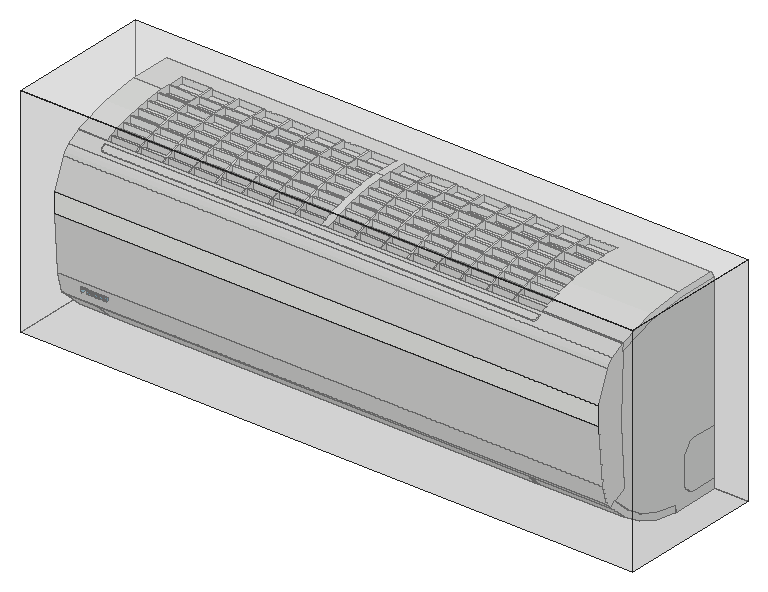
Revit family "outputfile", category 機械設備, Revit 2024
Family settings
  丸型コネクタ寸法 = 半径を使用
  パーツ タイプ = 標準
  OmniClass 番号 = 23.75.10.24.21.27.27
  OmniClass タイトル = Split System Air Conditioning Units
  作業面ベース = いいえ
  常に垂直 = はい
  ロード時にボイドで切り取り = いいえ
  注釈の向きを維持 = いいえ
  共有 = いいえ
  部屋計算ポイント = いいえ
Parameters (values of type "FTNE20AXVL9")
  Description = ""
  製造元 = "Daikin"
  書き出し IFC クラス(タイプ) = "IfcUnitaryEquipmentType"
  定義済み IFC タイプ(タイプ) = "AIRCONDITIONINGUNIT"
  Cost = 0
  モデル = "FTNE20AXVL9"
  Type Comments = ""
  Keynote = ""
  Type Image = (empty or 0)
  Assembly Code = ""
  switch_frequency = yes
  r_Liquid Pipe Size = Liquid Pipe Size / 2  # 3.2 mm
  r_Gas Pipe Size = Gas Pipe Size / 2  # 4.75 mm
  r_Drain Pipe Size = Drain Pipe Size / 2  # 9.5 mm
  lw_powersupply [instance] = if(or(Rear Right Connection_refrigerant, Bottom Right Connection_refrigerant), 65.0 mm + 13.0 mm, if(or(Rear Left Connection_refrigerant, Bottom Left Connection_refrigerant), 742.0 mm + 28.0 mm, 400.0 mm))  # 400.0 mm
  lw_liquidpipe [instance] = if(or(Rear Right Connection_refrigerant, Bottom Right Connection_refrigerant), 8.5 mm, if(or(Rear Left Connection_refrigerant, Bottom Left Connection_refrigerant), 668.0 mm + 23.0 mm, 800.0 mm - 55.0 mm - 207.0 mm - 56.0 mm))  # 482.0 mm
  lw_gaspipe [instance] = if(or(Rear Right Connection_refrigerant, Bottom Right Connection_refrigerant), 0.0 mm, if(or(Rear Left Connection_refrigerant, Bottom Left Connection_refrigerant), 695.0 mm - 15.0 mm, 800.0 mm - 55.0 mm - 207.0 mm - 52.0 mm - 56.0 mm))  # 430.0 mm
  lw_drainpipe [instance] = if(or(Rear Right Connection_refrigerant, Bottom Right Connection_refrigerant), 0.0 mm, if(or(Rear Left Connection_refrigerant, Bottom Left Connection_refrigerant), 675.0 mm + 20.0 mm, 0.0 mm))  # 0.0 mm
  l_powersupply_length [instance] = if(Right Connection_refrigerant, 400.0 mm, if(Left Connection_refrigerant, 800.0 mm - 400.0 mm, if(or(Rear Left Connection_refrigerant, Rear Right Connection_refrigerant), 15.0 mm, 50.0 mm)))  # 400.0 mm
  l_liquidpipe_length [instance] = if(Right Connection_refrigerant, 800.0 mm - 55.0 mm - 207.0 mm, if(Left Connection_refrigerant, 800.0 mm - (800.0 mm - 55.0 mm - 207.0 mm), if(or(Rear Left Connection_refrigerant, Rear Right Connection_refrigerant), 30.0 mm, 50.0 mm)))  # 538.0 mm
  l_gaspipe_length [instance] = if(Right Connection_refrigerant, 800.0 mm - 55.0 mm - 207.0 mm - 52.0 mm, if(Left Connection_refrigerant, 800.0 mm - (800.0 mm - 55.0 mm - 207.0 mm - 52.0 mm), if(or(Rear Left Connection_refrigerant, Rear Right Connection_refrigerant), 40.0 mm, 50.0 mm)))  # 486.0 mm
  l_drainpipe_length [instance] = if(Right Connection_refrigerant, 56.0 mm, if(Left Connection_refrigerant, 800.0 mm - 56.0 mm, if(or(Rear Left Connection_refrigerant, Rear Right Connection_refrigerant), 15.0 mm, 25.0 mm)))  # 56.0 mm
  h*** = 0.0 mm  # constant formula
  connector_voltage = 220 V
  connector_powerinput = [Power Input (Cooling)]  # 0.610 kW
  connector_phase = 1
  angle_vertical [instance] = if(or(Bottom Left Connection_refrigerant, Bottom Right Connection_refrigerant), 0.00°, 90.00°)  # 90.00°
  angle_horizontal [instance] = if(Right Connection_refrigerant, 90.00°, if(Left Connection_refrigerant, -90.00°, if(or(Rear Left Connection_refrigerant, Rear Right Connection_refrigerant), 180.00°, 0.00°)))  # 90.00°
  Width = 800.0 mm
  Voltage_comment_60Hz = "220"
  Voltage_60Hz = 220 V
  Version = "ver.1.0"
  Unit Type = "Wall Mounted"
  Unit Mass Weight = 9.00 kg
  Unit Designation [instance] = ""
  Uniclass2015Version = "Products v1.30"
  Uniclass2015Title = "Split coil room air conditioning units"
  Uniclass2015Code = "Pr_70_65_03_86"
  URL = ""
  Total Cooling Capacity [instance] = 0.000 kW
  Sound Pressure Level_M speed (dBA) = 32
  Sound Pressure Level_L speed (dBA) = 27
  Sound Pressure Level_H speed (dBA) = 38
  Sound Power Level_H speed (dB) = 0
  Series = "Single Split_Fan Coil Unit"
  Sensible Cooling Capacity [instance] = 0.000 kW
  Refrigerant Type = "R410A"
  Power Input (Cooling) = 0.610 kW
  Phase_60Hz = 1
  Option Accessory 3 [instance] = ""
  Option Accessory 2 [instance] = ""
  Option Accessory 1 [instance] = ""
  Nominal Cooling Capacity = 2.050 kW
  Minimum Circuit Amps_60Hz = 0.0 A
  Minimum Airflow = 382.00 m³/h
  Median Airflow = 479.00 m³/h
  Maximum Fuse Amps_60Hz = 0.0 A
  Maximum Airflow = 581.00 m³/h
  Material_Casing = DAIKIN_White_Casing_indoorunit
  Load Classification = HVAC
  Liquid Pipe Size = 6.4 mm
  Link_Nested Family [instance] = ""
  IfcVersion = ""
  IfcExportType = "AIRCONDITIONINGUNIT"
  IfcExportAs = "IfcUnitaryEquipmentType"
  Height = 288.0 mm
  Heat Exchanger Type = "Cross Fin Coil"
  Gas Pipe Size = 9.5 mm
  Frequency_60Hz = 60 Hz
  Fan Type = "Cross Flow Fan"
  Fan Drive = "-"
  FCU Tag No. [instance] = ""
  Drain Pipe Size = 19.0 mm
  Design Supply Airflow [instance] = 0.00 m³/h
  Depth = 212.0 mm
  既定の高さ = 0.0 mm
  Cooling Entering Wet Bulb Temperature [instance] = 0.00 °C
  Cooling Entering Dry Bulb Temperature [instance] = 0.00 °C
  Cooling Ambient Wet Bulb Temperature [instance] = 0.00 °C
  Cooling Ambient Dry Bulb Temperature [instance] = 0.00 °C
  Clearance visibility [instance] = yes
  Clearance Top = 30.0 mm
  Clearance Right = 50.0 mm
  Clearance Rear = 0.0 mm
  Clearance Left = 50.0 mm
  Clearance Front = 0.0 mm
  Clearance Bottom = 0.0 mm
  Bottom Right Connection_refrigerant [instance] = no
  Bottom Left Connection_refrigerant [instance] = no
  Rear Right Connection_refrigerant [instance] = no
  Rear Left Connection_refrigerant [instance] = no
  Right Connection_refrigerant [instance] = yes
  Left Connection_refrigerant [instance] = no
Reference planes
  plane 1 "Back": y = 0
  plane 2: z = 0
  plane 3 "Center (Left/Right)": x = 0
  plane 4 "Center (Front/Back)": y = -106
  plane 5 "Front": y = -212
  plane 6 "Left": x = -400
  plane 7 "Right": x = 400
  plane 8 "Top": z = 0
  plane 9 "Bottom": z = -288
  plane 10: x = -450
  plane 11: x = 450
  plane 12: y = 0
  plane 13: y = -212
  plane 14: z = 30
  plane 15: z = -288
  plane 16 "lw_Piping and Wiring intake": x = 344
  plane 17 "lw_gaspipe": x = -86
  plane 18 "lw_liquidpipe": x = -138
  plane 19 "lw_drainpipe": x = 344
  plane 20 "lh_drainpipe": z = -263
  plane 21 "lh_liquidpipe": z = -238
  plane 22 "lh_gaspipe": z = -238
  plane 23 "ld_drainpipe": y = -15
  plane 24 "ld_liquidpipe": y = -30
  plane 25 "ld_gaspipe": y = -40
  plane 26 "lw_powersupply": x = 0
Dimensions and locks
  equal spacing: plane 6 "Left", plane 3 "Center (Left/Right)", plane 7 "Right"
  "Width": plane 6 "Left" to plane 7 "Right"
  equal spacing: plane 5 "Front", plane 4 "Center (Front/Back)", plane 1 "Back"
  "Depth": plane 5 "Front" to plane 1 "Back"
  "Height": plane 8 "Top" to plane 9 "Bottom"
  "Clearance Rear": plane 12 to plane 1 "Back"
  "Clearance Front": plane 13 to plane 5 "Front"
  "Clearance Top": plane 14 to plane 8 "Top"
  "Clearance Bottom": plane 9 "Bottom" to plane 15
  locked: plane 16 "lw_Piping and Wiring intake" to plane 7 "Right" at 56
  "lw_gaspipe": plane 17 "lw_gaspipe" to plane 16 "lw_Piping and Wiring intake"
  "lw_liquidpipe": plane 18 "lw_liquidpipe" to plane 16 "lw_Piping and Wiring intake"
  "lw_drainpipe": plane 19 "lw_drainpipe" to plane 16 "lw_Piping and Wiring intake"
  locked: plane 20 "lh_drainpipe" to plane 9 "Bottom" at 25
  locked: plane 21 "lh_liquidpipe" to plane 9 "Bottom" at 50
  locked: plane 22 "lh_gaspipe" to plane 9 "Bottom" at 50
  locked: plane 23 "ld_drainpipe" to plane 1 "Back" at 15
  locked: plane 1 "Back" to plane 24 "ld_liquidpipe" at 30
  locked: plane 1 "Back" to plane 25 "ld_gaspipe" at 40
  "lw_powersupply": plane 26 "lw_powersupply" to plane 7 "Right"
  "Clearance Left": plane 10 to plane 6 "Left"
  "Clearance Right": plane 7 "Right" to plane 11
  aligned and locked: level to plane 2
  aligned and locked: plane 12 to nested 1
  aligned and locked: nested 1 to plane 13
  aligned and locked: plane 10 to nested 1
  aligned and locked: plane 11 to nested 1
  aligned and locked: plane 17 "lw_gaspipe" to nested 2
  aligned and locked: nested 2 to plane 25 "ld_gaspipe"
  aligned and locked: plane 18 "lw_liquidpipe" to nested 3
  aligned and locked: nested 3 to plane 24 "ld_liquidpipe"
  aligned and locked: plane 19 "lw_drainpipe" to nested 4
  aligned and locked: nested 4 to plane 23 "ld_drainpipe"
  aligned and locked: nested 5 to plane 23 "ld_drainpipe"
  aligned and locked: plane 26 "lw_powersupply" to nested 5
  aligned and locked: level to plane 8 "Top"
  aligned and locked: plane 14 to nested 1
  aligned and locked: plane 15 to nested 1
  aligned and locked: plane 1 "Back" to nested 6
  aligned and locked: plane 3 "Center (Left/Right)" to nested 6
  aligned and locked: plane 8 "Top" to nested 6
Nested families
  nested 1: "daikin_clearancespace" at (0, -106, -128.881), show <- "Clearance visibility", visible <- "Clearance visibility", Link_Nested Family <- "Link_Nested Family", type "daikin_clearancespace"
    with width 900.0 mm, show yes, height 318.0 mm, depth 212.0 mm, Link_Nested Family ""
  nested 2: "daikin_connector_rotate3" at (-86, -40, -238), angle_vertical <- "angle_vertical", angle_horizontal <- "angle_horizontal", length <- "l_gaspipe_length", radius <- "r_Gas Pipe Size", type "daikin_connector_rotate3"
    with show no, radius 4.75 mm, length 486.0 mm, angle_vertical 90.00°, angle_horizontal 90.00°
  nested 3: "daikin_connector_rotate3" at (-138, -30, -238), angle_vertical <- "angle_vertical", angle_horizontal <- "angle_horizontal", radius <- "r_Liquid Pipe Size", length <- "l_liquidpipe_length", type "daikin_connector_rotate3"
    with show no, radius 3.2 mm, length 538.0 mm, angle_vertical 90.00°, angle_horizontal 90.00°
  nested 4: "daikin_connector_rotate3" at (344, -15, -263), angle_vertical <- "angle_vertical", angle_horizontal <- "angle_horizontal", length <- "l_drainpipe_length", radius <- "r_Drain Pipe Size", type "daikin_connector_rotate3"
    with show no, radius 9.5 mm, length 56.0 mm, angle_vertical 90.00°, angle_horizontal 90.00°
  nested 5: "daikin_connector_rotate3" at (0, -15, -238), angle_vertical <- "angle_vertical", angle_horizontal <- "angle_horizontal", length <- "l_powersupply_length", type "daikin_connector_rotate3"
    with show no, radius 10.0 mm, length 400.0 mm, angle_vertical 90.00°, angle_horizontal 90.00°
  nested 6: "DAIKIN_indoorunit_FTNE-AXVL9" at (-31, 0, 0), type "FTNE-AXVL9"
Connectors
  piping at (400, -40, -238), diameter 9.5, driven by "r_Gas Pipe Size"
    settings: on nested 2, index 1, connector inside diameter 609.6 mm, connector length 0.0 mm, flow factor 0, pipe flow 0.00 m³/h, pressure drop 0.0 Pa, fitting loss kfactor 0, connector angle 0.00°, fixture units 0, engagement length 0.0 mm, angle of deflection 0.00°, flow configuration 1, flow direction 2, fitting loss method 0, system type 29, joint type 0, gender type 0, connector reference index -1, connector utility 0, adjustable connector no, is connector primary yes, connector description "Refrigerant Gas Piping"
  piping at (400, -30, -238), diameter 6.4, driven by "r_Liquid Pipe Size"
    settings: on nested 3, index 2, connector inside diameter 609.6 mm, connector length 0.0 mm, flow factor 0, pipe flow 0.00 m³/h, pressure drop 0.0 Pa, fitting loss kfactor 0, connector angle 0.00°, fixture units 0, engagement length 0.0 mm, angle of deflection 0.00°, flow configuration 1, flow direction 1, fitting loss method 0, system type 29, joint type 0, gender type 0, connector reference index -1, connector utility 0, adjustable connector no, is connector primary no, connector description "Refrigerant Liquid Piping"
  piping at (400, -15, -263), diameter 19, driven by "r_Drain Pipe Size"
    settings: on nested 4, index 3, connector inside diameter 609.6 mm, connector length 0.0 mm, flow factor 0, pipe flow 0.00 m³/h, pressure drop 0.0 Pa, fitting loss kfactor 0, connector angle 0.00°, fixture units 0, engagement length 0.0 mm, angle of deflection 0.00°, flow configuration 1, flow direction 2, fitting loss method 4, system type 16, joint type 0, gender type 0, connector reference index -1, connector utility 0, adjustable connector no, is connector primary no, connector description "Condensate Drain Piping"
  electrical at (400, -15, -238), driven by "Load Classification", driven by "connector_voltage", driven by "connector_powerinput", driven by "connector_phase"
    settings: on nested 5, index 4, voltage 220 V, apparent load 610 VA, apparent load phase1 0 VA, apparent load phase2 0 VA, apparent load phase3 0 VA, power factor 1, load classification "HVAC", number of poles 1, system type 30, power factor state 1, is connector primary yes, connector utility no, sub classification motor no, connector description "Power Supply"
Definition of nested family "daikin_clearancespace"
  Parameters (values of type "daikin_clearancespace")
    Description = "daikin_clearancespace"
    width [instance] = 1823.963 mm
    show [instance] = yes
    material = none
    height [instance] = 1359.762 mm
    depth [instance] = 880.0 mm
    Default Elevation = 0.0 mm
    Link_Nested Family [instance] = ""
  Reference planes
    plane 1 "Center (Front/Back)": y = 0
    plane 2 "Center (Elevation)": z = -0.119
    plane 3 "Center (Left/Right)": x = 0
    plane 4: y = 440
    plane 5: y = -440
    plane 6 "Right": x = 911.982
    plane 7 "Left": x = -911.982
    plane 8 "Top": z = 679.762
    plane 9 "Bottom": z = -680
  Forms (mm)
    Extrusion 1, solid, material <- "material", visible <- "show"
      sketch origin (0, 0, 0) x (1, 0, 0) y (0, 1, 0)
        loop
          line (-911.982, 440) -> (-911.982, -440) -> (911.982, -440) -> (911.982, 440) -> (-911.982, 440)
      from -680 to 679.762
  Lines and regions (mm)
    symbolic lines, visible <- "show"
      curve 1: line (911.982, 440, 0) -> (-911.982, 440, 0)
      curve 2: line (-911.982, 440, 0) -> (-911.982, -440, 0)
      curve 3: line (-911.982, -440, 0) -> (911.982, -440, 0)
      curve 4: line (911.982, -440, 0) -> (911.982, 440, 0)
      curve 5: line (911.982, 0, 679.762) -> (-911.982, 0, 679.762)
      curve 6: line (911.982, 0, -680) -> (911.982, 0, 679.762)
      curve 7: line (-911.982, 0, -680) -> (911.982, 0, -680)
      curve 8: line (-911.982, 0, 679.762) -> (-911.982, 0, -680)
      curve 9: line (0, 440, 679.762) -> (0, -440, 679.762)
      curve 10: line (0, -440, 679.762) -> (0, -440, -680)
      curve 11: line (0, 440, -680) -> (0, 440, 679.762)
      curve 12: line (0, -440, -680) -> (0, 440, -680)
  Dimensions and locks
    "width": plane 7 "Left" to plane 6 "Right"
    "depth": plane 4 to plane 5
    "height": plane 8 "Top" to plane 9 "Bottom"
    equal spacing: plane 7 "Left", plane 3 "Center (Left/Right)", plane 6 "Right"
    equal spacing: plane 4, plane 1 "Center (Front/Back)", plane 5
    equal spacing: plane 8 "Top", plane 2 "Center (Elevation)", plane 9 "Bottom"
    aligned and locked: level to plane 2 "Center (Elevation)"
    aligned and locked: Extrusion 1 sketch curve to plane 4
    aligned and locked: plane 7 "Left" to Extrusion 1 sketch curve
    aligned and locked: Extrusion 1 sketch curve to plane 5
    aligned and locked: Extrusion 1 sketch curve to plane 6 "Right"
    aligned and locked: plane 8 "Top" to Extrusion 1
    aligned and locked: curve 1 to Extrusion 1
    aligned and locked: curve 2 to Extrusion 1
    aligned and locked: curve 3 to Extrusion 1
    aligned and locked: curve 4 to Extrusion 1
    aligned and locked: curve 5 to Extrusion 1
    aligned and locked: curve 6 to Extrusion 1
    aligned and locked: curve 7 to Extrusion 1
    aligned and locked: curve 8 to Extrusion 1
    aligned and locked: curve 9 to Extrusion 1
    aligned and locked: curve 10 to Extrusion 1
    aligned and locked: curve 11 to Extrusion 1
    aligned and locked: curve 12 to Extrusion 1
    aligned and locked: Extrusion 1 to plane 9 "Bottom"
Definition of nested family "DAIKIN_indoorunit_FTNE-AXVL9"
  Parameters (values of type "FTNE-AXVL9")
    Width = 800.0 mm
    Material_Casing = none
    Height = 288.0 mm
    Default Elevation = 0.0 mm
  Reference planes
    plane 1 "Center (Front/Back)": y = 0
    plane 2 "reference_level": z = 0
    plane 3 "Center (Left/Right)": x = 31
    plane 4: y = -212
    plane 5: x = -369
    plane 6: x = 431
    plane 7: x = -369
    plane 8: x = 431
    plane 9: z = -288
  Forms (mm)
    Extrusion 1, solid, material <- "Material_Casing"
      sketch origin (31, 0, 0) x (0, 1, 0) y (0, 0, 1)
        loop
          arc (-168.541, -33.895) -> (-175.205, -37.257) -> (-181.663, -41.001) r 128.583
          arc (-181.663, -41.001) -> (-185.152, -44.021) -> (-187.538, -47.971) r 14.767
          line (-187.538, -47.971) -> (-212, -100.97) -> (-212, -114.25)
          arc (-212, -114.25) -> (-210.268, -154.877) -> (-205.083, -195.209) r 477.223
          arc (-205.083, -195.209) -> (-202.036, -209.102) -> (-197.741, -222.662) r 156.603
          line (-197.741, -222.662) -> (-191.725, -229.206) -> (-165.591, -215.278)
          arc (-165.591, -215.278) -> (-172.307, -124.671) -> (-168.541, -33.895) r 787.401
      from -400 to 400
    Extrusion 2, void
      sketch origin (33, 0, 0) x (1, 0, 0) y (0, 1, 0)
        loop
          line (-318.5, -51.902) -> (-318.5, -28.991) -> (-360.5, -28.991) -> (-360.5, -51.902) -> (-318.5, -51.902)
        loop
          line (-318.5, -73.146) -> (-318.5, -53.902) -> (-360.5, -53.902) -> (-360.5, -73.146) -> (-318.5, -73.146)
        loop
          line (-318.5, -75.146) -> (-360.5, -75.146) -> (-360.5, -92.124) -> (-318.5, -92.124) -> (-318.5, -75.146)
        loop
          line (-318.5, -93.906) -> (-360.5, -93.906) -> (-360.5, -108.92) -> (-318.5, -108.92) -> (-318.5, -93.906)
        loop
          line (-318.5, -110.92) -> (-360.5, -110.92) -> (-360.5, -123.174) -> (-318.5, -123.174) -> (-318.5, -110.92)
        loop
          line (-318.5, -125.174) -> (-360.5, -125.174) -> (-360.5, -135.589) -> (-318.5, -135.589) -> (-318.5, -125.174)
        loop
          line (-318.5, -137.589) -> (-360.5, -137.589) -> (-360.5, -146.625) -> (-318.5, -146.625) -> (-318.5, -137.589)
        loop
          line (-318.5, -148.625) -> (-360.5, -148.625) -> (-360.5, -157.477) -> (-318.5, -157.477) -> (-318.5, -148.625)
        loop
          line (-318.5, -159.477) -> (-360.5, -159.477) -> (-360.5, -169.237) -> (-318.5, -169.237) -> (-318.5, -159.477)
        loop
          line (-316.5, -28.991) -> (-316.5, -51.902) -> (-279.7, -51.902) -> (-279.7, -28.991) -> (-316.5, -28.991)
        loop
          line (-279.7, -53.902) -> (-316.5, -53.902) -> (-316.5, -73.146) -> (-279.7, -73.146) -> (-279.7, -53.902)
        loop
          line (-316.5, -75.146) -> (-316.5, -91.906) -> (-279.7, -91.906) -> (-279.7, -75.146) -> (-316.5, -75.146)
        loop
          line (-279.7, -93.906) -> (-316.5, -93.906) -> (-316.5, -108.92) -> (-279.7, -108.92) -> (-279.7, -93.906)
        loop
          line (-316.5, -110.92) -> (-316.5, -123.174) -> (-279.7, -123.174) -> (-279.7, -110.92) -> (-316.5, -110.92)
        loop
          line (-279.7, -125.174) -> (-316.5, -125.174) -> (-316.5, -135.589) -> (-279.7, -135.589) -> (-279.7, -125.174)
        loop
          line (-316.5, -137.589) -> (-316.5, -146.625) -> (-279.7, -146.625) -> (-279.7, -137.589) -> (-316.5, -137.589)
        loop
          line (-279.7, -148.625) -> (-316.5, -148.625) -> (-316.5, -157.477) -> (-279.7, -157.477) -> (-279.7, -148.625)
        loop
          line (-316.5, -159.477) -> (-316.5, -169.237) -> (-279.7, -169.237) -> (-279.7, -159.477) -> (-316.5, -159.477)
        loop
          line (-277.7, -28.991) -> (-277.7, -51.902) -> (-240.9, -51.902) -> (-240.9, -28.991) -> (-277.7, -28.991)
        loop
          line (-240.9, -53.902) -> (-277.7, -53.902) -> (-277.7, -73.146) -> (-240.9, -73.146) -> (-240.9, -53.902)
        loop
          line (-277.7, -75.146) -> (-277.7, -91.906) -> (-240.9, -91.906) -> (-240.9, -75.146) -> (-277.7, -75.146)
        loop
          line (-240.9, -93.906) -> (-277.7, -93.906) -> (-277.7, -108.92) -> (-240.9, -108.92) -> (-240.9, -93.906)
        loop
          line (-277.7, -110.92) -> (-277.7, -123.174) -> (-240.9, -123.174) -> (-240.9, -110.92) -> (-277.7, -110.92)
        loop
          line (-240.9, -125.174) -> (-277.7, -125.174) -> (-277.7, -135.589) -> (-240.9, -135.589) -> (-240.9, -125.174)
        loop
          line (-277.7, -137.589) -> (-277.7, -146.625) -> (-240.9, -146.625) -> (-240.9, -137.589) -> (-277.7, -137.589)
        loop
          line (-240.9, -148.625) -> (-277.7, -148.625) -> (-277.7, -157.477) -> (-240.9, -157.477) -> (-240.9, -148.625)
        loop
          line (-277.7, -159.477) -> (-277.7, -169.237) -> (-240.9, -169.237) -> (-240.9, -159.477) -> (-277.7, -159.477)
        loop
          line (-238.9, -28.991) -> (-238.9, -51.902) -> (-202.1, -51.902) -> (-202.1, -28.991) -> (-238.9, -28.991)
        loop
          line (-202.1, -53.902) -> (-238.9, -53.902) -> (-238.9, -73.146) -> (-202.1, -73.146) -> (-202.1, -53.902)
        loop
          line (-238.9, -75.146) -> (-238.9, -91.906) -> (-202.1, -91.906) -> (-202.1, -75.146) -> (-238.9, -75.146)
        loop
          line (-202.1, -93.906) -> (-238.9, -93.906) -> (-238.9, -108.92) -> (-202.1, -108.92) -> (-202.1, -93.906)
        loop
          line (-238.9, -110.92) -> (-238.9, -123.174) -> (-202.1, -123.174) -> (-202.1, -110.92) -> (-238.9, -110.92)
        loop
          line (-202.1, -125.174) -> (-238.9, -125.174) -> (-238.9, -135.589) -> (-202.1, -135.589) -> (-202.1, -125.174)
        loop
          line (-238.9, -137.589) -> (-238.9, -146.625) -> (-202.1, -146.625) -> (-202.1, -137.589) -> (-238.9, -137.589)
        loop
          line (-202.1, -148.625) -> (-238.9, -148.625) -> (-238.9, -157.477) -> (-202.1, -157.477) -> (-202.1, -148.625)
        loop
          line (-238.9, -159.477) -> (-238.9, -169.237) -> (-202.1, -169.237) -> (-202.1, -159.477) -> (-238.9, -159.477)
        loop
          line (-200.1, -28.991) -> (-200.1, -51.902) -> (-163.3, -51.902) -> (-163.3, -28.991) -> (-200.1, -28.991)
        loop
          line (-163.3, -53.902) -> (-200.1, -53.902) -> (-200.1, -73.146) -> (-163.3, -73.146) -> (-163.3, -53.902)
        loop
          line (-200.1, -75.146) -> (-200.1, -91.906) -> (-163.3, -91.906) -> (-163.3, -75.146) -> (-200.1, -75.146)
        loop
          line (-163.3, -93.906) -> (-200.1, -93.906) -> (-200.1, -108.92) -> (-163.3, -108.92) -> (-163.3, -93.906)
        loop
          line (-200.1, -110.92) -> (-200.1, -123.174) -> (-163.3, -123.174) -> (-163.3, -110.92) -> (-200.1, -110.92)
        loop
          line (-163.3, -125.174) -> (-200.1, -125.174) -> (-200.1, -135.589) -> (-163.3, -135.589) -> (-163.3, -125.174)
        loop
          line (-200.1, -137.589) -> (-200.1, -146.625) -> (-163.3, -146.625) -> (-163.3, -137.589) -> (-200.1, -137.589)
        loop
          line (-163.3, -148.625) -> (-200.1, -148.625) -> (-200.1, -157.477) -> (-163.3, -157.477) -> (-163.3, -148.625)
        loop
          line (-200.1, -159.477) -> (-200.1, -169.237) -> (-163.3, -169.237) -> (-163.3, -159.477) -> (-200.1, -159.477)
        loop
          line (-161.3, -28.991) -> (-161.3, -51.902) -> (-124.5, -51.902) -> (-124.5, -28.991) -> (-161.3, -28.991)
        loop
          line (-124.5, -53.902) -> (-161.3, -53.902) -> (-161.3, -73.146) -> (-124.5, -73.146) -> (-124.5, -53.902)
        loop
          line (-161.3, -75.146) -> (-161.3, -91.906) -> (-124.5, -91.906) -> (-124.5, -75.146) -> (-161.3, -75.146)
        loop
          line (-124.5, -93.906) -> (-161.3, -93.906) -> (-161.3, -108.92) -> (-124.5, -108.92) -> (-124.5, -93.906)
        loop
          line (-161.3, -110.92) -> (-161.3, -123.174) -> (-124.5, -123.174) -> (-124.5, -110.92) -> (-161.3, -110.92)
        loop
          line (-124.5, -125.174) -> (-161.3, -125.174) -> (-161.3, -135.589) -> (-124.5, -135.589) -> (-124.5, -125.174)
        loop
          line (-161.3, -137.589) -> (-161.3, -146.625) -> (-124.5, -146.625) -> (-124.5, -137.589) -> (-161.3, -137.589)
        loop
          line (-124.5, -148.625) -> (-161.3, -148.625) -> (-161.3, -157.477) -> (-124.5, -157.477) -> (-124.5, -148.625)
        loop
          line (-161.3, -159.477) -> (-161.3, -169.237) -> (-124.5, -169.237) -> (-124.5, -159.477) -> (-161.3, -159.477)
        loop
          line (-35.4, -28.991) -> (-35.4, -51.902) -> (2.4, -51.902) -> (2.4, -28.991) -> (-35.4, -28.991)
        loop
          line (2.4, -53.902) -> (-35.4, -53.902) -> (-35.4, -73.146) -> (2.4, -73.146) -> (2.4, -53.902)
        loop
          line (-35.4, -75.146) -> (-35.4, -91.906) -> (2.4, -91.906) -> (2.4, -75.146) -> (-35.4, -75.146)
        loop
          line (2.4, -93.906) -> (-35.4, -93.906) -> (-35.4, -108.92) -> (2.4, -108.92) -> (2.4, -93.906)
        loop
          line (-35.4, -110.92) -> (-35.4, -123.174) -> (2.4, -123.174) -> (2.4, -110.92) -> (-35.4, -110.92)
        loop
          line (2.4, -125.174) -> (-35.4, -125.174) -> (-35.4, -135.589) -> (2.4, -135.589) -> (2.4, -125.174)
        loop
          line (-35.4, -137.589) -> (-35.4, -146.625) -> (2.4, -146.625) -> (2.4, -137.589) -> (-35.4, -137.589)
        loop
          line (2.4, -148.625) -> (-35.4, -148.625) -> (-35.4, -157.477) -> (2.4, -157.477) -> (2.4, -148.625)
        loop
          line (-35.4, -159.477) -> (-35.4, -169.237) -> (2.4, -169.237) -> (2.4, -159.477) -> (-35.4, -159.477)
        loop
          line (4.4, -28.991) -> (4.4, -51.902) -> (41.2, -51.902) -> (41.2, -28.991) -> (4.4, -28.991)
        loop
          line (41.2, -53.902) -> (4.4, -53.902) -> (4.4, -73.146) -> (41.2, -73.146) -> (41.2, -53.902)
        loop
          line (4.4, -75.146) -> (4.4, -91.906) -> (41.2, -91.906) -> (41.2, -75.146) -> (4.4, -75.146)
        loop
          line (41.2, -93.906) -> (4.4, -93.906) -> (4.4, -108.92) -> (41.2, -108.92) -> (41.2, -93.906)
        loop
          line (4.4, -110.92) -> (4.4, -123.174) -> (41.2, -123.174) -> (41.2, -110.92) -> (4.4, -110.92)
        loop
          line (41.2, -125.174) -> (4.4, -125.174) -> (4.4, -135.589) -> (41.2, -135.589) -> (41.2, -125.174)
        loop
          line (4.4, -137.589) -> (4.4, -146.625) -> (41.2, -146.625) -> (41.2, -137.589) -> (4.4, -137.589)
        loop
          line (41.2, -148.625) -> (4.4, -148.625) -> (4.4, -157.477) -> (41.2, -157.477) -> (41.2, -148.625)
        loop
          line (4.4, -159.477) -> (4.4, -169.237) -> (41.2, -169.237) -> (41.2, -159.477) -> (4.4, -159.477)
        loop
          line (43.2, -28.991) -> (43.2, -51.902) -> (80, -51.902) -> (80, -28.991) -> (43.2, -28.991)
        loop
          line (80, -53.902) -> (43.2, -53.902) -> (43.2, -73.146) -> (80, -73.146) -> (80, -53.902)
        loop
          line (43.2, -75.146) -> (43.2, -91.906) -> (80, -91.906) -> (80, -75.146) -> (43.2, -75.146)
        loop
          line (80, -93.906) -> (43.2, -93.906) -> (43.2, -108.92) -> (80, -108.92) -> (80, -93.906)
        loop
          line (43.2, -110.92) -> (43.2, -123.174) -> (80, -123.174) -> (80, -110.92) -> (43.2, -110.92)
        loop
          line (80, -125.174) -> (43.2, -125.174) -> (43.2, -135.589) -> (80, -135.589) -> (80, -125.174)
        loop
          line (43.2, -137.589) -> (43.2, -146.625) -> (80, -146.625) -> (80, -137.589) -> (43.2, -137.589)
        loop
          line (80, -148.625) -> (43.2, -148.625) -> (43.2, -157.477) -> (80, -157.477) -> (80, -148.625)
        loop
          line (43.2, -159.477) -> (43.2, -169.237) -> (80, -169.237) -> (80, -159.477) -> (43.2, -159.477)
        loop
          line (82, -28.991) -> (82, -51.902) -> (118.8, -51.902) -> (118.8, -28.991) -> (82, -28.991)
        loop
          line (118.8, -53.902) -> (82, -53.902) -> (82, -73.146) -> (118.8, -73.146) -> (118.8, -53.902)
        loop
          line (82, -75.146) -> (82, -91.906) -> (118.8, -91.906) -> (118.8, -75.146) -> (82, -75.146)
        loop
          line (118.8, -93.906) -> (82, -93.906) -> (82, -108.92) -> (118.8, -108.92) -> (118.8, -93.906)
        loop
          line (82, -110.92) -> (82, -123.174) -> (118.8, -123.174) -> (118.8, -110.92) -> (82, -110.92)
        loop
          line (118.8, -125.174) -> (82, -125.174) -> (82, -135.589) -> (118.8, -135.589) -> (118.8, -125.174)
        loop
          line (82, -137.589) -> (82, -146.625) -> (118.8, -146.625) -> (118.8, -137.589) -> (82, -137.589)
        loop
          line (118.8, -148.625) -> (82, -148.625) -> (82, -157.477) -> (118.8, -157.477) -> (118.8, -148.625)
        loop
          line (82, -159.477) -> (82, -169.237) -> (118.8, -169.237) -> (118.8, -159.477) -> (82, -159.477)
        loop
          line (120.8, -28.991) -> (120.8, -51.902) -> (157.6, -51.902) -> (157.6, -28.991) -> (120.8, -28.991)
        loop
          line (157.6, -53.902) -> (120.8, -53.902) -> (120.8, -73.146) -> (157.6, -73.146) -> (157.6, -53.902)
        loop
          line (120.8, -75.146) -> (120.8, -91.906) -> (157.6, -91.906) -> (157.6, -75.146) -> (120.8, -75.146)
        loop
          line (157.6, -93.906) -> (120.8, -93.906) -> (120.8, -108.92) -> (157.6, -108.92) -> (157.6, -93.906)
        loop
          line (120.8, -110.92) -> (120.8, -123.174) -> (157.6, -123.174) -> (157.6, -110.92) -> (120.8, -110.92)
        loop
          line (157.6, -125.174) -> (120.8, -125.174) -> (120.8, -135.589) -> (157.6, -135.589) -> (157.6, -125.174)
        loop
          line (120.8, -137.589) -> (120.8, -146.625) -> (157.6, -146.625) -> (157.6, -137.589) -> (120.8, -137.589)
        loop
          line (157.6, -148.625) -> (120.8, -148.625) -> (120.8, -157.477) -> (157.6, -157.477) -> (157.6, -148.625)
        loop
          line (120.8, -159.477) -> (120.8, -169.237) -> (157.6, -169.237) -> (157.6, -159.477) -> (120.8, -159.477)
        loop
          line (-122.5, -28.991) -> (-122.5, -51.902) -> (-85.7, -51.902) -> (-85.7, -28.991) -> (-122.5, -28.991)
        loop
          line (-85.7, -53.902) -> (-122.5, -53.902) -> (-122.5, -73.146) -> (-85.7, -73.146) -> (-85.7, -53.902)
        loop
          line (-122.5, -75.146) -> (-122.5, -91.906) -> (-85.7, -91.906) -> (-85.7, -75.146) -> (-122.5, -75.146)
        loop
          line (-85.7, -93.906) -> (-122.5, -93.906) -> (-122.5, -108.92) -> (-85.7, -108.92) -> (-85.7, -93.906)
        loop
          line (-122.5, -110.92) -> (-122.5, -123.174) -> (-85.7, -123.174) -> (-85.7, -110.92) -> (-122.5, -110.92)
        loop
          line (-85.7, -125.174) -> (-122.5, -125.174) -> (-122.5, -135.589) -> (-85.7, -135.589) -> (-85.7, -125.174)
        loop
          line (-122.5, -137.589) -> (-122.5, -146.625) -> (-85.7, -146.625) -> (-85.7, -137.589) -> (-122.5, -137.589)
        loop
          line (-85.7, -148.625) -> (-122.5, -148.625) -> (-122.5, -157.477) -> (-85.7, -157.477) -> (-85.7, -148.625)
        loop
          line (-122.5, -159.477) -> (-122.5, -169.237) -> (-85.7, -169.237) -> (-85.7, -159.477) -> (-122.5, -159.477)
        loop
          line (159.6, -28.991) -> (159.6, -51.902) -> (196.4, -51.902) -> (196.4, -28.991) -> (159.6, -28.991)
        loop
          line (196.4, -53.902) -> (159.6, -53.902) -> (159.6, -73.146) -> (196.4, -73.146) -> (196.4, -53.902)
        loop
          line (159.6, -75.146) -> (159.6, -91.906) -> (196.4, -91.906) -> (196.4, -75.146) -> (159.6, -75.146)
        loop
          line (196.4, -93.906) -> (159.6, -93.906) -> (159.6, -108.92) -> (196.4, -108.92) -> (196.4, -93.906)
        loop
          line (159.6, -110.92) -> (159.6, -123.174) -> (196.4, -123.174) -> (196.4, -110.92) -> (159.6, -110.92)
        loop
          line (196.4, -125.174) -> (159.6, -125.174) -> (159.6, -135.589) -> (196.4, -135.589) -> (196.4, -125.174)
        loop
          line (159.6, -137.589) -> (159.6, -146.625) -> (196.4, -146.625) -> (196.4, -137.589) -> (159.6, -137.589)
        loop
          line (196.4, -148.625) -> (159.6, -148.625) -> (159.6, -157.477) -> (196.4, -157.477) -> (196.4, -148.625)
        loop
          line (159.6, -159.477) -> (159.6, -169.237) -> (196.4, -169.237) -> (196.4, -159.477) -> (159.6, -159.477)
        loop
          line (198.4, -28.991) -> (198.4, -51.902) -> (235.2, -51.902) -> (235.2, -28.991) -> (198.4, -28.991)
        loop
          line (235.2, -53.902) -> (198.4, -53.902) -> (198.4, -73.146) -> (235.2, -73.146) -> (235.2, -53.902)
        loop
          line (198.4, -75.146) -> (198.4, -91.906) -> (235.2, -91.906) -> (235.2, -75.146) -> (198.4, -75.146)
        loop
          line (235.2, -93.906) -> (198.4, -93.906) -> (198.4, -108.92) -> (235.2, -108.92) -> (235.2, -93.906)
        loop
          line (198.4, -110.92) -> (198.4, -123.174) -> (235.2, -123.174) -> (235.2, -110.92) -> (198.4, -110.92)
        loop
          line (235.2, -125.174) -> (198.4, -125.174) -> (198.4, -135.589) -> (235.2, -135.589) -> (235.2, -125.174)
        loop
          line (198.4, -137.589) -> (198.4, -146.625) -> (235.2, -146.625) -> (235.2, -137.589) -> (198.4, -137.589)
        loop
          line (235.2, -148.625) -> (198.4, -148.625) -> (198.4, -157.477) -> (235.2, -157.477) -> (235.2, -148.625)
        loop
          line (198.4, -159.477) -> (198.4, -169.237) -> (235.2, -169.237) -> (235.2, -159.477) -> (198.4, -159.477)
        loop
          line (237.2, -28.991) -> (237.2, -51.902) -> (279.2, -51.902) -> (279.2, -28.991) -> (237.2, -28.991)
        loop
          line (279.2, -53.902) -> (237.2, -53.902) -> (237.2, -73.146) -> (279.2, -73.146) -> (279.2, -53.902)
        loop
          line (237.2, -75.146) -> (237.2, -91.906) -> (279.2, -91.906) -> (279.2, -75.146) -> (237.2, -75.146)
        loop
          line (279.2, -93.906) -> (237.2, -93.906) -> (237.2, -108.92) -> (279.2, -108.92) -> (279.2, -93.906)
        loop
          line (237.2, -110.92) -> (237.2, -123.174) -> (279.2, -123.174) -> (279.2, -110.92) -> (237.2, -110.92)
        loop
          line (279.2, -125.174) -> (237.2, -125.174) -> (237.2, -135.589) -> (279.2, -135.589) -> (279.2, -125.174)
        loop
          line (237.2, -137.589) -> (237.2, -146.625) -> (279.2, -146.625) -> (279.2, -137.589) -> (237.2, -137.589)
        loop
          line (279.2, -148.625) -> (237.2, -148.625) -> (237.2, -157.477) -> (279.2, -157.477) -> (279.2, -148.625)
        loop
          line (237.2, -159.477) -> (237.2, -169.237) -> (279.2, -169.237) -> (279.2, -159.477) -> (237.2, -159.477)
        loop
          line (-45.9, -28.991) -> (-83.7, -28.991) -> (-83.7, -51.902) -> (-45.9, -51.902) -> (-45.9, -28.991)
        loop
          line (-83.7, -53.902) -> (-83.7, -73.146) -> (-45.9, -73.146) -> (-45.9, -53.902) -> (-83.7, -53.902)
        loop
          line (-45.9, -75.146) -> (-83.7, -75.146) -> (-83.7, -91.906) -> (-45.9, -91.906) -> (-45.9, -75.146)
        loop
          line (-83.7, -93.906) -> (-83.7, -108.92) -> (-45.9, -108.92) -> (-45.9, -93.906) -> (-83.7, -93.906)
        loop
          line (-45.9, -110.92) -> (-83.7, -110.92) -> (-83.7, -123.174) -> (-45.9, -123.174) -> (-45.9, -110.92)
        loop
          line (-83.7, -125.174) -> (-83.7, -135.589) -> (-45.9, -135.589) -> (-45.9, -125.174) -> (-83.7, -125.174)
        loop
          line (-45.9, -137.589) -> (-83.7, -137.589) -> (-83.7, -146.625) -> (-45.9, -146.625) -> (-45.9, -137.589)
        loop
          line (-83.7, -148.625) -> (-83.7, -157.477) -> (-45.9, -157.477) -> (-45.9, -148.625) -> (-83.7, -148.625)
        loop
          line (-45.9, -159.477) -> (-83.7, -159.477) -> (-83.7, -169.237) -> (-45.9, -169.237) -> (-45.9, -159.477)
      from -40.013 to 47.268
    Extrusion 3, solid, material <- "Material_Casing"
      sketch origin (418, 1296.25, 1200) x (0, 1, 0) y (0, 0, 1)
        loop
          line (-1478.011, -1424.959) -> (-1486.678, -1429.472)
          arc (-1486.678, -1429.472) -> (-1433.264, -1470.889) -> (-1367.883, -1488.03) r 168.794
          arc (-1367.883, -1488.03) -> (-1368.387, -1483.266) -> (-1368.873, -1478.5) r 1348.434
          arc (-1368.873, -1478.5) -> (-1428.739, -1462.527) -> (-1478.011, -1424.959) r 159.61
      from 13 to -109
    Extrusion 4, solid, material <- "Material_Casing"
      sketch origin (431, 1296.25, 1200) x (0, -1, 0) y (0, 0, 1)
        loop
          line (1296.25, -1474.2) -> (1331.25, -1474.2)
          arc (1331.25, -1474.2) -> (1345.393, -1468.342) -> (1351.25, -1454.2) r 20
          line (1351.25, -1454.2) -> (1351.25, -1424.881)
          arc (1351.25, -1424.881) -> (1345.393, -1410.739) -> (1331.25, -1404.881) r 20
          line (1331.25, -1404.881) -> (1296.25, -1404.881) -> (1296.25, -1474.2)
      from 0 to 5
    Extrusion 5, solid, material <- "Material_Casing"
      sketch origin (31, 200, -288) x (-1, 0, 0) y (0, -1, 0)
        loop
          line (384, 200) -> (384, 235)
          arc (384, 235) -> (378.142, 249.142) -> (364, 255) r 20
          line (364, 255) -> (334.681, 255)
          arc (334.681, 255) -> (320.539, 249.142) -> (314.681, 235) r 20
          line (314.681, 235) -> (314.681, 200) -> (384, 200)
        loop
          line (-377, 200) -> (-307.681, 200) -> (-307.681, 235)
          arc (-307.681, 235) -> (-313.539, 249.142) -> (-327.681, 255) r 20
          line (-327.681, 255) -> (-357, 255)
          arc (-357, 255) -> (-371.142, 249.142) -> (-377, 235) r 20
          line (-377, 235) -> (-377, 200)
      from 0 to 5
    Extrusion 6, solid, material <- "Material_Casing"
      sketch origin (0, 0, 0) x (1, 0, 0) y (0, 1, 0)
        loop
          line (312.2, -171.076) -> (-327.5, -171.076) -> (-327.5, -175.674)
          arc (-327.5, -175.674) -> (-326.153, -178.926) -> (-322.902, -180.272) r 4.598
          line (-322.902, -180.272) -> (307.602, -180.272)
          arc (307.602, -180.272) -> (310.853, -178.926) -> (312.2, -175.674) r 4.598
          line (312.2, -175.674) -> (312.2, -171.076)
      from -19.965 to -48.803
    Extrusion 7, void
      sketch origin (31, 0, 0) x (0, 1, 0) y (0, 0, 1)
        loop
          arc (-204.673, -48.112) -> (-184.155, -32.7) -> (-161.353, -20.927) r 153.282
          line (-161.353, -20.927) -> (-161.353, 34.121) -> (-204.673, 34.121) -> (-204.673, -48.112)
        loop
          line (-161.353, -85.862) -> (-161.353, -30.789)
          arc (-161.353, -30.789) -> (-184.457, -42.781) -> (-204.673, -59.181) r 128.583
          line (-204.673, -59.181) -> (-204.673, -85.862) -> (-161.353, -85.862)
      from -385 to 385
    Extrusion 8, solid, material <- "Material_Casing"
      sketch origin (31, 0, -50) x (0, 1, 0) y (0, 0, 1)
        loop
          line (0, -238) -> (0, 40.701) -> (-58.591, 40.711)
          arc (-58.591, 40.711) -> (-114.299, 34.082) -> (-167.582, 16.527) r 281.246
          arc (-167.582, 16.527) -> (-171.344, -74.745) -> (-164.197, -165.814) r 764.822
          line (-164.197, -165.814) -> (-181.761, -174.959)
          arc (-181.761, -174.959) -> (-132.404, -212.568) -> (-72.435, -228.512) r 159.61
          arc (-72.435, -228.512) -> (-71.951, -233.257) -> (-71.45, -238) r 1348.434
          line (-71.45, -238) -> (0, -238)
      from -400 to 400
    Extrusion 9, solid, material <- "Material_Casing"
      sketch origin (31, 0, -20) x (0, 1, 0) y (0, 0, 1)
        loop
          arc (-65.731, 20) -> (-117.136, 12.964) -> (-166.463, -3.126) r 289.774
          arc (-166.463, -3.126) -> (-167.04, -8.297) -> (-167.582, -13.473) r 764.822
          arc (-167.582, -13.473) -> (-114.299, 4.082) -> (-58.591, 10.711) r 281.246
          line (-58.591, 10.711) -> (-0.062, 10.701) -> (-6.029, 20) -> (-65.731, 20)
      from -400 to 400
    Extrusion 10, void
      sketch origin (0, 0, 100) x (1, 0, 0) y (0, 1, 0)
        loop
          line (312.2, -171.076) -> (-327.5, -171.076) -> (-327.5, -175.674)
          arc (-327.5, -175.674) -> (-326.153, -178.926) -> (-322.902, -180.272) r 4.598
          line (-322.902, -180.272) -> (307.602, -180.272)
          arc (307.602, -180.272) -> (310.853, -178.926) -> (312.2, -175.674) r 4.598
          line (312.2, -175.674) -> (312.2, -171.076)
      from 0 to -150
    Extrusion 11, solid, material <- "Material_Casing"
      sketch origin (31, 0, 0) x (1, 0, 0) y (0, 0, 1)
        loop
          circle (344, -242) r 32.5
        loop
          circle (-345, -242) r 32.5
      from 0 to 5
    Extrusion 12, solid, material <- "Material_Casing"
      sketch origin (-369, 1296.25, 1200) x (0, -1, 0) y (0, 0, -1)
        loop
          line (1296.25, 1474.2) -> (1296.25, 1404.881) -> (1331.25, 1404.881)
          arc (1331.25, 1404.881) -> (1345.393, 1410.739) -> (1351.25, 1424.881) r 20
          line (1351.25, 1424.881) -> (1351.25, 1454.2)
          arc (1351.25, 1454.2) -> (1345.393, 1468.342) -> (1331.25, 1474.2) r 20
          line (1331.25, 1474.2) -> (1296.25, 1474.2)
      from 0 to 5
    Extrusion 13, solid, material <- "Material_Casing"
      sketch origin (265.198, 1296.25, 1200) x (0, 1, 0) y (0, 0, 1)
        loop
          line (-1478.011, -1424.959) -> (-1486.678, -1429.472)
          arc (-1486.678, -1429.472) -> (-1433.264, -1470.889) -> (-1367.883, -1488.03) r 168.794
          arc (-1367.883, -1488.03) -> (-1368.387, -1483.266) -> (-1368.873, -1478.5) r 1348.434
          arc (-1368.873, -1478.5) -> (-1428.739, -1462.527) -> (-1478.011, -1424.959) r 159.61
      from 39.802 to -589.982
    Extrusion 14, solid, material <- "Material_Casing"
      sketch origin (155.198, 1296.25, 1200) x (0, 1, 0) y (0, 0, 1)
        loop
          line (-1478.011, -1424.959) -> (-1486.678, -1429.472)
          arc (-1486.678, -1429.472) -> (-1433.264, -1470.889) -> (-1367.883, -1488.03) r 168.794
          arc (-1367.883, -1488.03) -> (-1368.387, -1483.266) -> (-1368.873, -1478.5) r 1348.434
          arc (-1368.873, -1478.5) -> (-1428.739, -1462.527) -> (-1478.011, -1424.959) r 159.61
      from -482.698 to -524.198
    Extrusion 15, solid, material <- "Material_Casing"
      sketch origin (31, 0, 0) x (0, 1, 0) y (0, 0, 1)
        loop
          arc (-167.45, -23.61) -> (-176.954, -28.451) -> (-186.098, -33.94) r 153.282
          arc (-186.098, -33.94) -> (-191.563, -38.671) -> (-195.3, -44.858) r 23.128
          line (-195.3, -44.858) -> (-212, -85.699) -> (-212, -100.97) -> (-187.538, -47.971)
          arc (-187.538, -47.971) -> (-185.152, -44.021) -> (-181.663, -41.001) r 14.767
          arc (-181.663, -41.001) -> (-175.205, -37.257) -> (-168.541, -33.895) r 128.583
          arc (-168.541, -33.895) -> (-168.012, -28.751) -> (-167.45, -23.61) r 787.401
      from -400 to 400
  Cuts and joins
    Extrusion 7 cuts Extrusion 6
    Extrusion 2 cuts Extrusion 9
    Extrusion 10 cuts Extrusion 15
    joined: Extrusion 1, Extrusion 15
  Lines and regions (mm)
    reference lines
      curve 1: line (0, -203.65, -202.452) -> (0, -202.331, -208.491)
  Dimensions and locks
    equal spacing: plane 5, plane 3 "Center (Left/Right)", plane 6
    "Width": plane 5 to plane 6
    "Width": plane 8 to plane 7
    locked: Extrusion 11 sketch curve to plane 7 at 55
    locked: plane 8 to Extrusion 11 sketch curve at 56
    locked: Extrusion 11 sketch curve to plane 9 at 46  (x2)
    equal spacing: plane 8, plane 3 "Center (Left/Right)", plane 7
    diameter of Extrusion 11 sketch curve = 65.0 mm  (x2)
    aligned and locked: level to plane 2 "reference_level"
    aligned and locked: Extrusion 9 sketch curve to level
    aligned and locked: Extrusion 1 sketch curve to plane 4
  Automatic sketch dimensions
    plane 4 to Extrusion 3 sketch curve = 21.573 mm
    Extrusion 3 sketch curve to Extrusion 3 sketch curve = 8.667 mm
    plane 1 "Center (Front/Back)" to Extrusion 3 sketch curve = 62.383 mm
    Extrusion 3 sketch curve to Extrusion 3 sketch curve = 0.192 mm
    Extrusion 3 sketch curve to level = 144.0 mm
    Extrusion 3 sketch curve to plane 1 "Center (Front/Back)" = 1269.087 mm
    Extrusion 3 sketch curve to level = 224.959 mm
    Extrusion 3 sketch curve to Extrusion 3 sketch curve = 4.513 mm
    Extrusion 3 sketch curve to level = 119.49 mm
    Extrusion 3 sketch curve to Extrusion 3 sketch curve = 0.259 mm
    plane 1 "Center (Front/Back)" to Extrusion 3 sketch curve = 72.622 mm
    Extrusion 4 sketch curve to plane 1 "Center (Front/Back)" = 0.0 mm
    Extrusion 4 sketch curve to Extrusion 4 sketch curve = 35.0 mm  (x2)
    Extrusion 4 sketch curve to Extrusion 4 sketch curve = 20.0 mm
    Extrusion 4 sketch curve to level = 274.2 mm
    Extrusion 4 sketch curve to Extrusion 4 sketch curve = 29.319 mm
    Extrusion 7 sketch curve to Extrusion 7 sketch curve = 43.32 mm
    Extrusion 7 sketch curve to Extrusion 7 sketch curve = 11.069 mm
    level to Extrusion 7 sketch curve = 34.121 mm
    Extrusion 8 sketch curve to plane 1 "Center (Front/Back)" = 0.0 mm
    plane 1 "Center (Front/Back)" to Extrusion 8 sketch curve = 53.375 mm
    Extrusion 8 sketch curve to level = 9.289 mm
    plane 1 "Center (Front/Back)" to Extrusion 8 sketch curve = 58.591 mm
    plane 1 "Center (Front/Back)" to Extrusion 8 sketch curve = 62.191 mm
    Extrusion 8 sketch curve to Extrusion 8 sketch curve = 18.076 mm
    plane 4 to Extrusion 8 sketch curve = 47.803 mm
    Extrusion 8 sketch curve to Extrusion 8 sketch curve = 17.564 mm
    Extrusion 8 sketch curve to level = 110.547 mm
    Extrusion 8 sketch curve to plane 1 "Center (Front/Back)" = 593.346 mm
    Extrusion 8 sketch curve to level = 144.0 mm
    Extrusion 8 sketch curve to Extrusion 8 sketch curve = 675.927 mm
    Extrusion 8 sketch curve to level = 215.814 mm
    Extrusion 8 sketch curve to Extrusion 8 sketch curve = 9.145 mm
    Extrusion 8 sketch curve to Extrusion 8 sketch curve = 72.186 mm
    Extrusion 8 sketch curve to Extrusion 8 sketch curve = 2.486 mm
    Extrusion 8 sketch curve to Extrusion 8 sketch curve = 109.942 mm
    Extrusion 8 sketch curve to level = 9.299 mm
    plane 1 "Center (Front/Back)" to Extrusion 9 sketch curve = 65.731 mm
    Extrusion 9 sketch curve to level = 9.289 mm
    Extrusion 9 sketch curve to Extrusion 9 sketch curve = 7.14 mm
    plane 1 "Center (Front/Back)" to Extrusion 9 sketch curve = 53.375 mm
    Extrusion 9 sketch curve to Extrusion 9 sketch curve = 1.076 mm
    plane 1 "Center (Front/Back)" to Extrusion 9 sketch curve = 6.029 mm
    plane 1 "Center (Front/Back)" to Extrusion 9 sketch curve = 0.062 mm
    Extrusion 9 sketch curve to level = 110.547 mm
    Extrusion 9 sketch curve to plane 1 "Center (Front/Back)" = 593.346 mm
    Extrusion 9 sketch curve to Extrusion 9 sketch curve = 280.173 mm
    Extrusion 9 sketch curve to Extrusion 9 sketch curve = 1.024 mm
    Extrusion 9 sketch curve to level = 9.299 mm
    Extrusion 9 sketch curve to level = 23.126 mm
    plane 4 to curve 1 = 8.35 mm
    plane 4 to curve 1 = 9.669 mm
    curve 1 to level = 208.491 mm
    curve 1 to curve 1 = 6.039 mm
    Extrusion 12 sketch curve to plane 1 "Center (Front/Back)" = 0.0 mm
    Extrusion 12 sketch curve to Extrusion 12 sketch curve = 35.0 mm  (x2)
    Extrusion 12 sketch curve to Extrusion 12 sketch curve = 20.0 mm
    Extrusion 12 sketch curve to level = 204.881 mm
    Extrusion 12 sketch curve to Extrusion 12 sketch curve = 29.319 mm
    plane 4 to Extrusion 13 sketch curve = 21.573 mm
    Extrusion 13 sketch curve to Extrusion 13 sketch curve = 8.667 mm
    plane 1 "Center (Front/Back)" to Extrusion 13 sketch curve = 62.383 mm
    Extrusion 13 sketch curve to Extrusion 13 sketch curve = 0.192 mm
    Extrusion 13 sketch curve to level = 144.0 mm
    Extrusion 13 sketch curve to plane 1 "Center (Front/Back)" = 1269.087 mm
    Extrusion 13 sketch curve to level = 224.959 mm
    Extrusion 13 sketch curve to Extrusion 13 sketch curve = 4.513 mm
    Extrusion 13 sketch curve to level = 119.49 mm
    Extrusion 13 sketch curve to Extrusion 13 sketch curve = 0.259 mm
    plane 1 "Center (Front/Back)" to Extrusion 13 sketch curve = 72.622 mm
    plane 4 to Extrusion 14 sketch curve = 21.573 mm
    Extrusion 14 sketch curve to Extrusion 14 sketch curve = 8.667 mm
    plane 1 "Center (Front/Back)" to Extrusion 14 sketch curve = 62.383 mm
    Extrusion 14 sketch curve to Extrusion 14 sketch curve = 0.192 mm
    Extrusion 14 sketch curve to level = 144.0 mm
    Extrusion 14 sketch curve to plane 1 "Center (Front/Back)" = 1269.087 mm
    Extrusion 14 sketch curve to level = 224.959 mm
    Extrusion 14 sketch curve to Extrusion 14 sketch curve = 4.513 mm
    Extrusion 14 sketch curve to level = 119.49 mm
    Extrusion 14 sketch curve to Extrusion 14 sketch curve = 0.259 mm
    plane 1 "Center (Front/Back)" to Extrusion 14 sketch curve = 72.622 mm
    plane 4 to Extrusion 15 sketch curve = 16.7 mm
    Extrusion 15 sketch curve to Extrusion 15 sketch curve = 21.422 mm
    Extrusion 15 sketch curve to Extrusion 15 sketch curve = 65.862 mm
    Extrusion 15 sketch curve to level = 111.866 mm
    Extrusion 15 sketch curve to Extrusion 15 sketch curve = 15.271 mm
    Extrusion 15 sketch curve to Extrusion 15 sketch curve = 32.124 mm
    Extrusion 15 sketch curve to Extrusion 15 sketch curve = 8.718 mm
    Extrusion 15 sketch curve to Extrusion 15 sketch curve = 9.201 mm
    Extrusion 15 sketch curve to Extrusion 15 sketch curve = 0.018 mm
    Extrusion 15 sketch curve to Extrusion 15 sketch curve = 11.294 mm
    Extrusion 15 sketch curve to Extrusion 15 sketch curve = 12.21 mm
    Extrusion 15 sketch curve to Extrusion 15 sketch curve = 0.038 mm
    Extrusion 15 sketch curve to Extrusion 15 sketch curve = 7.762 mm
    Extrusion 15 sketch curve to Extrusion 15 sketch curve = 4.436 mm
    Extrusion 15 sketch curve to Extrusion 15 sketch curve = 1.092 mm
    Extrusion 15 sketch curve to Extrusion 15 sketch curve = 3.113 mm
    plane 4 to Extrusion 15 sketch curve = 0.0 mm
    plane 4 to Extrusion 15 sketch curve = 98.026 mm
    Extrusion 15 sketch curve to plane 1 "Center (Front/Back)" = 614.989 mm
    Extrusion 15 sketch curve to level = 150.325 mm
    plane 4 to Extrusion 1 sketch curve = 14.259 mm
    Extrusion 1 sketch curve to Extrusion 1 sketch curve = 6.015 mm
    plane 4 to Extrusion 1 sketch curve = 24.462 mm
    Extrusion 1 sketch curve to Extrusion 1 sketch curve = 13.677 mm
    Extrusion 1 sketch curve to Extrusion 1 sketch curve = 26.134 mm
    Extrusion 1 sketch curve to Extrusion 1 sketch curve = 51.618 mm
    plane 1 "Center (Front/Back)" to Extrusion 1 sketch curve = 50.749 mm
    Extrusion 1 sketch curve to level = 114.25 mm
    Extrusion 1 sketch curve to level = 111.866 mm
    Extrusion 1 sketch curve to Extrusion 1 sketch curve = 349.766 mm
    Extrusion 1 sketch curve to Extrusion 1 sketch curve = 36.074 mm
    Extrusion 1 sketch curve to Extrusion 1 sketch curve = 18.318 mm
    Extrusion 1 sketch curve to Extrusion 1 sketch curve = 7.384 mm
    Extrusion 1 sketch curve to Extrusion 1 sketch curve = 6.545 mm
    Extrusion 1 sketch curve to Extrusion 1 sketch curve = 13.28 mm
    Extrusion 1 sketch curve to level = 53.537 mm
    Extrusion 1 sketch curve to Extrusion 1 sketch curve = 5.566 mm
    plane 4 to Extrusion 1 sketch curve = 6.917 mm
    Extrusion 1 sketch curve to Extrusion 1 sketch curve = 0.0 mm
    Extrusion 1 sketch curve to Extrusion 1 sketch curve = 5.875 mm
    plane 5 to Extrusion 2 sketch curve = 41.5 mm  (x2)
    Extrusion 2 sketch curve to Extrusion 2 sketch curve = 0.0 mm  (x299)
    Extrusion 2 sketch curve to Extrusion 2 sketch curve = 42.0 mm  (x2)
    Extrusion 2 sketch curve to Extrusion 2 sketch curve = 2.0 mm  (x174)
    Extrusion 2 sketch curve to Extrusion 2 sketch curve = 36.8 mm  (x15)
    Extrusion 2 sketch curve to Extrusion 2 sketch curve = 38.8 mm
    Extrusion 2 sketch curve to Extrusion 2 sketch curve = 39.8 mm  (x2)
    Extrusion 2 sketch curve to Extrusion 2 sketch curve = 10.5 mm  (x4)
    plane 3 "Center (Left/Right)" to Extrusion 2 sketch curve = 4.4 mm  (x3)
    plane 4 to Extrusion 2 sketch curve = 42.763 mm  (x4)
    Extrusion 2 sketch curve to Extrusion 2 sketch curve = 9.76 mm  (x6)
    Extrusion 2 sketch curve to Extrusion 2 sketch curve = 8.852 mm  (x9)
    Extrusion 2 sketch curve to Extrusion 2 sketch curve = 9.036 mm  (x8)
    Extrusion 2 sketch curve to Extrusion 2 sketch curve = 10.415 mm  (x7)
    Extrusion 2 sketch curve to Extrusion 2 sketch curve = 12.254 mm  (x9)
    Extrusion 2 sketch curve to Extrusion 2 sketch curve = 15.013 mm  (x9)
    Extrusion 2 sketch curve to Extrusion 2 sketch curve = 1.783 mm
    Extrusion 2 sketch curve to Extrusion 2 sketch curve = 16.761 mm  (x6)
    Extrusion 2 sketch curve to Extrusion 2 sketch curve = 16.978 mm
    Extrusion 2 sketch curve to Extrusion 2 sketch curve = 19.244 mm  (x11)
    Extrusion 2 sketch curve to Extrusion 2 sketch curve = 22.911 mm  (x3)
    Extrusion 10 sketch curve to Extrusion 10 sketch curve = 4.598 mm  (x3)
    plane 4 to Extrusion 10 sketch curve = 36.326 mm
    plane 5 to Extrusion 10 sketch curve = 41.5 mm
    plane 6 to Extrusion 10 sketch curve = 118.8 mm
    plane 5 to Extrusion 6 sketch curve = 41.5 mm
    Extrusion 6 sketch curve to Extrusion 6 sketch curve = 4.598 mm  (x3)
    plane 4 to Extrusion 6 sketch curve = 36.326 mm
    plane 6 to Extrusion 6 sketch curve = 123.398 mm
    Extrusion 7 sketch curve to level = 48.112 mm
    Extrusion 7 sketch curve to Extrusion 7 sketch curve = 26.681 mm
    Extrusion 7 sketch curve to Extrusion 7 sketch curve = 11.294 mm
    Extrusion 7 sketch curve to Extrusion 7 sketch curve = 12.21 mm
    Extrusion 7 sketch curve to Extrusion 7 sketch curve = 0.0 mm  (x2)
    plane 4 to Extrusion 7 sketch curve = 7.327 mm
    Extrusion 7 sketch curve to level = 30.789 mm
    Extrusion 7 sketch curve to Extrusion 7 sketch curve = 9.862 mm
    plane 5 to Extrusion 5 sketch curve = 85.319 mm
    plane 5 to Extrusion 5 sketch curve = 16.0 mm
    plane 1 "Center (Front/Back)" to Extrusion 5 sketch curve = 0.0 mm  (x2)
    Extrusion 5 sketch curve to Extrusion 5 sketch curve = 20.0 mm  (x4)
    plane 1 "Center (Front/Back)" to Extrusion 5 sketch curve = 35.0 mm  (x2)
    plane 6 to Extrusion 5 sketch curve = 23.0 mm
    Extrusion 5 sketch curve to Extrusion 5 sketch curve = 29.319 mm
  Nested families
    nested 1: "daikin_logo_plane_w40" at (-316.283, -203.557, -201.668) x (1, 0, 0) z (0, -0.977, -0.2135), type "daikin_logo_plane_w40"
      with show_logo yes
  Definition of nested family "daikin_logo_plane_w40"
    Parameters (values of type "daikin_logo_plane_w40")
      width = 40.0 mm
      show_logo [instance] = yes
      material = none
      height = 0.0 mm
      depth = 0.0 mm
      Default Elevation = 1219.2 mm
    Reference planes
      plane 1 "Center (Front/Back)": y = 0
      plane 2: z = 0
      plane 3 "Center (Left/Right)": x = 0
      plane 4: z = 2
      plane 5 "left": x = -19
      plane 6: x = 19
    Forms (mm)
      Extrusion 1, solid, visible <- "show_logo"
        sketch origin (-19, 0, 0) x (1, 0, 0) y (0, 1, 0)
          loop
            line (8.902, -1.878) -> (7.789, -6.332) -> (11.13, -6.332)
            arc (11.13, -6.332) -> (12.454, -6.064) -> (13.472, -5.176) r 2.642
            arc (13.472, -5.176) -> (13.92, -4.02) -> (13.767, -2.79) r 2.537
            arc (13.767, -2.79) -> (13.452, -2.342) -> (12.982, -2.06) r 1.321
            arc (12.982, -2.06) -> (12.063, -1.902) -> (11.13, -1.878) r 6.479
            line (11.13, -1.878) -> (8.902, -1.878)
          loop
            line (10.016, -5.441) -> (10.907, -5.441)
            arc (10.907, -5.441) -> (11.591, -4.983) -> (11.988, -4.261) r 1.742
            spline (11.988, -4.261) -> (12.01, -4.155) -> (12.027, -4.03) -> (12.037, -3.893) -> (12.037, -3.747) -> (12.026, -3.598) -> (12.002, -3.451) -> (11.962, -3.31) -> (11.905, -3.181) -> (11.829, -3.069) -> (11.731, -2.978) -> (11.61, -2.913) -> (11.464, -2.88)
            line (11.464, -2.88) -> (10.573, -2.88) -> (10.016, -5.441)
          loop
            line (13.58, -6.332) -> (14.805, -6.332) -> (15.223, -5.553) -> (16.977, -5.553) -> (17.144, -6.332) -> (19.149, -6.332) -> (18.258, -1.878) -> (16.03, -1.878) -> (13.58, -6.332)
          loop
            line (16.476, -3.214) -> (15.76, -4.551) -> (16.762, -4.551) -> (16.476, -3.214)
          loop
            line (19.705, -6.332) -> (21.599, -6.332) -> (22.712, -1.878) -> (20.819, -1.878) -> (19.705, -6.332)
          loop
            line (22.712, -6.332) -> (24.606, -6.332) -> (24.908, -5.122) -> (25.831, -6.332) -> (28.17, -6.332) -> (26.388, -3.994) -> (28.949, -1.878) -> (26.945, -1.878) -> (25.401, -3.153) -> (25.719, -1.878) -> (23.826, -1.878) -> (22.712, -6.332)
          loop
            line (29.84, -1.878) -> (28.615, -6.332) -> (30.62, -6.332) -> (31.734, -1.878) -> (29.84, -1.878)
          loop
            line (31.734, -6.332) -> (33.07, -6.332) -> (33.7, -3.814) -> (34.518, -6.332) -> (36.745, -6.332) -> (37.859, -1.878) -> (36.523, -1.878) -> (35.845, -4.589) -> (34.963, -1.878) -> (32.847, -1.878) -> (31.734, -6.332)
        from 0 to 2
      Extrusion 2, solid, visible <- "show_logo"
        sketch origin (-19, 0, 0) x (1, 0, 0) y (0, 1, 0)
          loop
            line (8.7, 0) -> (4.235, 0) -> (0, -3.879) -> (0, -8) -> (8.7, 0)
        from 0 to 2
      Extrusion 3, solid, visible <- "show_logo"
        sketch origin (-19, 0, 0) x (1, 0, 0) y (0, 1, 0)
          loop
            line (0, 0) -> (0, -3.879) -> (4.235, 0) -> (0, 0)
        from 0 to 2
    Dimensions and locks
      plane 4 to plane 2 = 2.0 mm
      equal spacing: plane 5 "left", plane 3 "Center (Left/Right)", plane 6
      locked: plane 5 "left" to plane 6 at 38
      aligned and locked: level to plane 2
      aligned and locked: Extrusion 3 to plane 1 "Center (Front/Back)"  (x2)
      aligned and locked: Extrusion 2 to plane 1 "Center (Front/Back)"  (x2)
      aligned and locked: plane 4 to Extrusion 1
      aligned and locked: plane 4 to Extrusion 3
      aligned and locked: plane 4 to Extrusion 2
      aligned and locked: Extrusion 3 to plane 5 "left"
      aligned and locked: Extrusion 2 to plane 5 "left"
    Automatic sketch dimensions
      Extrusion 1 sketch curve to Extrusion 1 sketch curve = 0.901 mm
      Extrusion 1 sketch curve to Extrusion 1 sketch curve = 1.559 mm
      Extrusion 1 sketch curve to Extrusion 1 sketch curve = 1.327 mm
      Extrusion 1 sketch curve to Extrusion 1 sketch curve = 2.145 mm
      Extrusion 1 sketch curve to Extrusion 1 sketch curve = 1.448 mm
